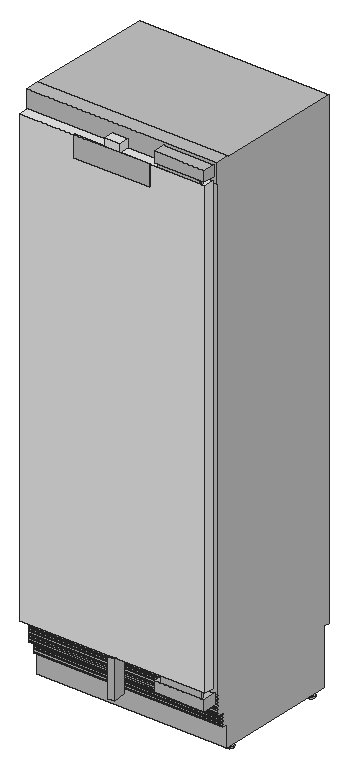
Revit family "FP_Revit_18_RS3084FRJK1_Freezer_90001074A", category Specialty Equipment, Revit 2018
Family settings
  Round Connector Dimension = Use Diameter
  Part Type = Normal
  OmniClass Number = 23.40.40.11.11
  OmniClass Title = Refrigerators and Freezers
  Work Plane-Based = No
  Always vertical = Yes
  Cut with Voids When Loaded = Yes
  Shared = No
  Room Calculation Point = No
Parameters (values of type "RS3084FRJK1")
  Visibility - Water Connection = yes
  Visibility - Visibility Control Note = yes
  Visibility - Clearance Required = yes
  URL = "www.fisherpaykel.com"
  Stainless Steel Door Panels (RD3484R4D) = no
  Product - Width = 756 mm  # constant formula
  Product - Height = 2134 mm  # constant formula
  Product - Depth (exl front panel) = 610 mm  # constant formula
  Model = "RS3084FRJK1"
  Material - Rollers and Feet = Fisher & Paykel - Black
  Material - Handle = Fisher & Paykel - Aluminium
  Material - Door Structure = Fisher & Paykel - White
  Material - Door Front = Fisher & Paykel - Stainless Steel
  Material - Connections = Fisher & Paykel - Black
  Material - Body = Fisher & Paykel - Grey
  Manufacturer = "Fisher & Paykel Appliances"
  Handle Style - Professional Square (AHV2-RD84) = no
  Handle Style - Professional Round (AHC-RD84) = no
  Handle Style - Contemporary Square (AHD3-RD84) = no
  Handle Style - Contemporary Round (AHS-RD84) = no
  Description = "30\" Integrated Column Freezer with internal ice maker, stainless steel interior"
  Connector Description - Water = "1/4\" (6mm) comp. stainless steel braided hose"
  Connector Description - Electrical = "120 V, 10 amp fused electrical supply"
  Cavity - Width = 762 mm  # constant formula
  Cavity - Height = 2134 mm  # constant formula
  Cavity - Depth = 635 mm  # constant formula
Types (3, lengths in mm): name | Model | Description
  (no name) | "RS3084FRJK1" | "30\" Integrated Column Freezer with internal ice maker, stainless steel interior"
  RS3084FRJK1 | "RS3084FRJK1" | "30\" Integrated Column Freezer with internal ice maker, stainless steel interior"
  RS3084FRJ1 | "RS3084FRJ1" | "30\" Integrated Column Freezer  with internal ice maker, white interior"
Reference planes
  plane 1 "Datum": y = 0
  plane 2: z = 0
  plane 3 "Center (Left/Right)": x = 0
  plane 4 "Product LHS": x = -378
  plane 5 "Product RHS": x = 378
  plane 6 "Product - Depth": y = 610
  plane 7 "Cavity LHS": x = -381
  plane 8 "Cavity RHS": x = 381
  plane 9 "Cavity - Depth": y = 612.9
  plane 10 "Handle Offset": x = -315
  plane 11 "Product Height": z = 2134
  plane 12 "Cavity Height": z = 2134
  plane 13 "Door Panel Datum": y = -4.1
Forms (mm)
  Extrusion 1, solid, material "Fisher & Paykel - Grey" <- "Material - Body", detail levels fine
    sketch origin (0, 0, 0) x (0, 1, 0) y (0, 0, 1)
      loop
        line (100.1, 19.1) -> (587.9, 19.1) -> (587.9, 239.7) -> (610, 239.7) -> (610, 2131.9) -> (105.1, 2131.9) -> (105.1, 2134) -> (49.9, 2134) -> (49.9, 2059) -> (56, 2059) -> (56, 228.6) -> (59.5, 228.6) -> (59.5, 219.7) -> (56.5, 219.7) -> (56.5, 215.9) -> (59.5, 215.9) -> (59.5, 207) -> (56.5, 207) -> (56.5, 203.2) -> (59.5, 203.2) -> (59.5, 194.3) -> (56.5, 194.3) -> (56.5, 190.5) -> (59.5, 190.5) -> (59.5, 181.6) -> (56.5, 181.6) -> (56.5, 177.8) -> (59.5, 177.8) -> (59.5, 168.9) -> (56.5, 168.9) -> (56.5, 165.1) -> (59.5, 165.1) -> (59.5, 156.2) -> (56.5, 156.2) -> (56.5, 152.4) -> (84.1, 152.4) -> (84.1, 143.5) -> (81.1, 143.5) -> (81.1, 139.7) -> (84.1, 139.7) -> (84.1, 130.8) -> (81.1, 130.8) -> (81.1, 127) -> (84.1, 127) -> (84.1, 118.1) -> (81.1, 118.1) -> (81.1, 114.3) -> (84.1, 114.3) -> (84.1, 105.4) -> (81.1, 105.4) -> (81.1, 101.6) -> (100.1, 101.6) -> (100.1, 19.1)
    from -378 to 378
  Extrusion 2, solid, material "Fisher & Paykel - Grey" <- "Material - Body"
    sketch origin (0, 0, 0) x (1, 0, 0) y (0, 1, 0)
      loop
        circle (-357.5, 547.8) r 4.1
      loop
        circle (-357.5, 141.8) r 4.1
      loop
        circle (357.5, 547.8) r 4.1
      loop
        circle (357.5, 141.8) r 4.1
    from 3 to 19.1
  Extrusion 3, solid, material "Fisher & Paykel - Grey" <- "Material - Body"
    sketch origin (0, 0, 0) x (1, 0, 0) y (0, 1, 0)
      loop
        circle (-357.5, 547.8) r 14.5
      loop
        circle (-357.5, 141.8) r 14.555
      loop
        circle (357.5, 547.8) r 14.5
      loop
        circle (357.5, 141.8) r 14.555
    from 0 to 3
  Extrusion 4, solid, material "Fisher & Paykel - Grey" <- "Material - Body", detail levels fine
    sketch origin (0, 0, 0) x (1, 0, 0) y (0, 1, 0)
      loop
        line (-7.5, 49) -> (-13.797, -4.1) -> (13.797, -4.1) -> (7.5, 49) -> (-7.5, 49)
    from 104.2 to 254.2
  Extrusion 5, solid, material "Fisher & Paykel - Grey" <- "Material - Body", detail levels fine
    sketch origin (0, 0, 0) x (0, 1, 0) y (0, 0, 1)
      loop
        line (0, 2070.6) -> (0, 1988.6) -> (2, 1988.6) -> (2, 2068.6) -> (4, 2068.6) -> (4, 2070.6) -> (0, 2070.6)
    from -150 to 150
  Extrusion 6, solid, material "Fisher & Paykel - Grey" <- "Material - Body"
    sketch origin (0, 0, 0) x (1, 0, 0) y (0, 0, 1)
      loop
        circle (303, 119.813) r 5
      loop
        circle (-303, 119.813) r 5
    from -590 to -587.9
  Extrusion 7, solid, material "Fisher & Paykel - White" <- "Material - Door Structure"
    sketch origin (0, 0, 0) x (1, 0, 0) y (0, 1, 0)
      loop
        line (-353, 56) -> (-353, 42) -> (353, 42) -> (353, 56) -> (-353, 56)
    from 269.6 to 2030.7
  Extrusion 8, solid, material "Fisher & Paykel - White" <- "Material - Door Structure"
    sketch origin (0, 0, 0) x (1, 0, 0) y (0, 1, 0)
      loop
        line (-369.4, 42) -> (-369.4, 3) -> (369.4, 3) -> (369.4, 42) -> (-369.4, 42)
    from 254.2 to 2068.6
  Extrusion 9, solid, material "Fisher & Paykel - White" <- "Material - Door Structure", detail levels fine
    sketch origin (0, 0, 0) x (1, 0, 0) y (0, 0, 1)
      loop
        line (-29.5, 2100.1) -> (-29.5, 2068.6) -> (29.5, 2068.6) -> (29.5, 2100.1) -> (-29.5, 2100.1)
    from -42 to -3
  Extrusion 10, solid, material "Fisher & Paykel - Stainless Steel" <- "Material - Door Front", visible <- "Stainless Steel Door Panels (RD3484R4D)"
    sketch origin (0, 0, 0) x (0, 1, 0) y (0, 0, 1)
      loop
        line (-22.1, 2130.8) -> (-22.1, 102) -> (-4.1, 102) -> (-4.1, 2130.8) -> (-22.1, 2130.8)
    from -378 to 378
  Extrusion 11, solid, material "Fisher & Paykel - Grey" <- "Material - Body", detail levels coarse+medium
    sketch origin (0, 0, 0) x (0, 1, 0) y (0, 0, 1)
      loop
        line (49.9, 2134) -> (49.9, 2059) -> (56, 2059) -> (56, 152.4) -> (81.1, 152.4) -> (81.1, 101.6) -> (100.1, 101.6) -> (100.1, 19.1) -> (587.9, 19.1) -> (587.9, 239.7) -> (610, 239.7) -> (610, 2134) -> (49.9, 2134)
    from -378 to 378
  Extrusion 12, solid, material "Fisher & Paykel - Grey" <- "Material - Body", detail levels fine
    sketch origin (0, 0, -4) x (0, 1, 0) y (0, 0, 1)
      loop
        arc (163.888, 23.1) -> (180.4, 13.63) -> (196.912, 23.1) r 19.13
        line (196.912, 23.1) -> (163.888, 23.1)
      loop
        arc (493.888, 23.1) -> (510.4, 13.63) -> (526.912, 23.1) r 19.13
        line (526.912, 23.1) -> (493.888, 23.1)
    from 191 to 219
  Extrusion 13, solid, material "Fisher & Paykel - Grey" <- "Material - Body", detail levels fine
    sketch origin (0, 0, -4) x (0, 1, 0) y (0, 0, -1)
      loop
        line (163.888, -23.1) -> (196.912, -23.1)
        arc (196.912, -23.1) -> (180.4, -13.63) -> (163.888, -23.1) r 19.13
      loop
        line (493.888, -23.1) -> (526.912, -23.1)
        arc (526.912, -23.1) -> (510.4, -13.63) -> (493.888, -23.1) r 19.13
    from 191 to 219
  Extrusion 14, solid, material "Fisher & Paykel - Clearance Required", visible <- "Visibility - Clearance Required", detail levels coarse
    sketch origin (0, 0, 0) x (1, 0, 0) y (0, 1, 0)
      loop
        line (-381, 612.9) -> (-381, -4.1) -> (381, -4.1) -> (381, 612.9) -> (-381, 612.9)
    from 0 to 2134
  Extrusion 15, void
    sketch origin (0, 0, 0) x (1, 0, 0) y (0, 1, 0)
      loop
        line (-381, 612.9) -> (-381, -22.1) -> (381, -22.1) -> (381, 612.9) -> (-381, 612.9)
    from 0 to 2134
  Extrusion 16, solid, material "Fisher & Paykel - Grey" <- "Material - Body", detail levels fine
    sketch origin (73, 0, 0) x (1, 0, 0) y (0, 0, 1)
      loop
        line (118.4, 254.2) -> (118.4, 229.75) -> (282.9, 229.75) -> (282.9, 254.2) -> (118.4, 254.2)
      loop
        line (106, 2081.05) -> (106, 2068.6) -> (282.9, 2068.6) -> (282.9, 2076.05) -> (242.9, 2081.05) -> (106, 2081.05)
    from -7 to -4
  Extrusion 17, solid, material "Fisher & Paykel - Clearance Required", visible <- "Visibility - Clearance Required", detail levels coarse
    sketch origin (0, 0, 0) x (1, 0, 0) y (0, 1, 0)
      loop
        line (-328.5, -22.1) -> (-378, -22.1)
        arc (-378, -22.1) -> (-22.015, -691.951) -> (734.604, -746.289) r 783.517
        line (734.604, -746.289) -> (712.602, -698.95) -> (738.875, -686.699)
        arc (738.875, -686.699) -> (747.815, -662.136) -> (723.252, -653.196) r 18.483
        line (723.252, -653.196) -> (697.006, -665.395) -> (415.915, -60.616)
        arc (415.915, -60.616) -> (380.992, -57.074) -> (378, -22.1) r 27.5
        line (378, -22.1) -> (-328.5, -22.1)
    from 0 to 2134
  Extrusion 18, solid, material "Fisher & Paykel - Grey" <- "Material - Body", detail levels fine
    sketch origin (0, 0, 0) x (1, 0, 0) y (0, 0, 1)
      loop
        line (366.4, 2123.15) -> (168.42, 2123.15) -> (168.42, 2081.05) -> (366.4, 2081.05) -> (366.4, 2123.15)
    from -49 to -2.5
  Extrusion 19, solid, material "Fisher & Paykel - Grey" <- "Material - Body", detail levels fine
    sketch origin (0, 0, 0) x (1, 0, 0) y (0, 0, 1)
      loop
        line (366.4, 187.65) -> (366.4, 229.75) -> (168.42, 229.75) -> (168.42, 187.65) -> (366.4, 187.65)
    from -56 to -2.5
Lines and regions (mm)
  model lines, style "Fisher & Paykel"
    curve 1: line (-378, -4.1, 2130.8) -> (378, -4.1, 2130.8)
    curve 2: line (-378, -4.1, 102) -> (-378, -4.1, 2130.8)
    curve 3: line (378, -4.1, 102) -> (-378, -4.1, 102)
    curve 4: line (378, -4.1, 2130.8) -> (378, -4.1, 102)
Text (mm)
  text "Due to ongoing product development, product details are subject to change without notice. \nPlease always refer to www.fisherpaykel.com for the most current product information. \n© Fisher & Paykel 2020" at (41.04, -848.295, 0), in view "Ref. Level (Plan)"
Dimensions and locks
  equal spacing: plane 4 "Product LHS", plane 3 "Center (Left/Right)", plane 5 "Product RHS"
  "Product - Width": plane 4 "Product LHS" to plane 5 "Product RHS"
  "Product - Depth (exl front panel)": plane 1 "Datum" to plane 6 "Product - Depth"
  equal spacing: plane 7 "Cavity LHS", plane 3 "Center (Left/Right)", plane 8 "Cavity RHS"
  "Cavity - Width": plane 7 "Cavity LHS" to plane 8 "Cavity RHS"
  plane 4 "Product LHS" to Extrusion 2 sketch curve = 24.6 mm
  plane 4 "Product LHS" to plane 10 "Handle Offset" = 63 mm
  Extrusion 6 sketch curve to Extrusion 1 = 119.887 mm  (x2)
  Extrusion 6 sketch curve to plane 5 "Product RHS" = 75 mm
  plane 4 "Product LHS" to Extrusion 6 sketch curve = 75 mm
  Extrusion 1 sketch curve to Extrusion 1 sketch curve = 82.5 mm
  Extrusion 1 sketch curve to Extrusion 1 sketch curve = 209.5 mm
  Extrusion 1 sketch curve to Extrusion 1 sketch curve = 220.6 mm
  Extrusion 3 to level = 3 mm
  Extrusion 11 to Extrusion 8 = 235.1 mm
  Extrusion 11 to Extrusion 7 = 250.5 mm
  Extrusion 11 to Extrusion 11 = 2114.9 mm
  Extrusion 11 to Extrusion 10 = 82.9 mm
  "Product - Height": level to plane 11 "Product Height"
  plane 11 "Product Height" to Extrusion 10 = 3.2 mm
  Extrusion 8 to plane 11 "Product Height" = 65.4 mm
  Extrusion 7 to plane 11 "Product Height" = 103.3 mm
  Extrusion 11 sketch curve to plane 11 "Product Height" = 75 mm
  Extrusion 1 sketch curve to plane 11 "Product Height" = 2.1 mm
  Extrusion 1 sketch curve to plane 11 "Product Height" = 75 mm
  "Cavity - Height": plane 12 "Cavity Height" to level
  plane 1 "Datum" to Extrusion 14 = 612.9 mm
  plane 1 "Datum" to Extrusion 15 = 612.9 mm
  Extrusion 16 sketch curve to Extrusion 16 sketch curve = 40 mm
  Extrusion 16 sketch curve to plane 3 "Center (Left/Right)" = 179 mm
  Extrusion 16 sketch curve to Extrusion 16 sketch curve = 176.9 mm
  Extrusion 16 sketch curve to plane 3 "Center (Left/Right)" = 191.4 mm
  plane 3 "Center (Left/Right)" to Extrusion 16 sketch curve = 355.9 mm
  Extrusion 17 to plane 1 "Datum" = 22.1 mm
  "Cavity - Depth": plane 9 "Cavity - Depth" to Extrusion 17
  radius of Extrusion 6 sketch curve = 5 mm
  aligned and locked: level to plane 2
  aligned and locked: Extrusion 10 to plane 5 "Product RHS"
  aligned and locked: plane 4 "Product LHS" to Extrusion 10
  aligned and locked: Extrusion 11 to plane 5 "Product RHS"
  aligned and locked: Extrusion 11 to plane 4 "Product LHS"
  aligned and locked: Extrusion 11 sketch curve to plane 11 "Product Height"
  aligned and locked: plane 11 "Product Height" to Extrusion 1 sketch curve
  aligned and locked: Extrusion 12 sketch curve to Extrusion 12 sketch curve
  aligned and locked: Extrusion 13 sketch curve to Extrusion 13 sketch curve
  aligned and locked: Extrusion 1 to plane 5 "Product RHS"
  aligned and locked: plane 4 "Product LHS" to Extrusion 1
  aligned and locked: Extrusion 11 sketch curve to Extrusion 1  (x4)
  aligned and locked: Extrusion 2 to Extrusion 1
  aligned and locked: nested 2 to plane 10 "Handle Offset"
  aligned and locked: nested 3 to plane 10 "Handle Offset"
  aligned and locked: nested 4 to plane 10 "Handle Offset"
  aligned and locked: nested 5 to plane 10 "Handle Offset"
Automatic sketch dimensions
  Extrusion 1 sketch curve to plane 6 "Product - Depth" = 0 mm
  Extrusion 1 sketch curve to Extrusion 1 sketch curve = 22.1 mm
  Extrusion 1 sketch curve to plane 1 "Datum" = 105.1 mm
  level to Extrusion 1 sketch curve = 19.1 mm
  Extrusion 1 sketch curve to plane 1 "Datum" = 100.1 mm
  Extrusion 1 sketch curve to Extrusion 1 sketch curve = 16 mm
  Extrusion 1 sketch curve to Extrusion 1 sketch curve = 0 mm  (x8)
  Extrusion 1 sketch curve to Extrusion 1 sketch curve = 3 mm  (x10)
  Extrusion 1 sketch curve to plane 1 "Datum" = 59.5 mm
  Extrusion 1 sketch curve to plane 1 "Datum" = 56 mm
  Extrusion 1 sketch curve to plane 1 "Datum" = 49.9 mm
  Extrusion 1 sketch curve to Extrusion 1 sketch curve = 3.8 mm  (x10)
  Extrusion 1 sketch curve to Extrusion 1 sketch curve = 8.9 mm  (x9)
  Extrusion 2 sketch curve to plane 4 "Product LHS" = 20.5 mm  (x2)
  plane 5 "Product RHS" to Extrusion 2 sketch curve = 20.5 mm  (x2)
  Extrusion 2 sketch curve to plane 1 "Datum" = 141.8 mm  (x2)
  Extrusion 2 sketch curve to plane 6 "Product - Depth" = 62.2 mm  (x2)
  Extrusion 3 sketch curve to plane 4 "Product LHS" = 20.5 mm  (x2)
  plane 5 "Product RHS" to Extrusion 3 sketch curve = 20.5 mm  (x2)
  Extrusion 3 sketch curve to plane 1 "Datum" = 141.8 mm  (x2)
  Extrusion 3 sketch curve to plane 6 "Product - Depth" = 62.2 mm  (x2)
  plane 1 "Datum" to Extrusion 4 sketch curve = 4.1 mm
  Extrusion 4 sketch curve to plane 3 "Center (Left/Right)" = 13.797 mm
  Extrusion 4 sketch curve to plane 3 "Center (Left/Right)" = 7.5 mm
  plane 3 "Center (Left/Right)" to Extrusion 4 sketch curve = 7.5 mm
  plane 3 "Center (Left/Right)" to Extrusion 4 sketch curve = 13.797 mm
  Extrusion 4 sketch curve to plane 1 "Datum" = 49 mm
  Extrusion 5 sketch curve to plane 1 "Datum" = 0 mm
  Extrusion 5 sketch curve to plane 1 "Datum" = 2 mm
  Extrusion 5 sketch curve to Extrusion 5 sketch curve = 2 mm  (x2)
  plane 11 "Product Height" to Extrusion 5 sketch curve = 145.4 mm
  plane 11 "Product Height" to Extrusion 5 sketch curve = 65.4 mm
  Extrusion 7 sketch curve to plane 4 "Product LHS" = 25 mm
  plane 5 "Product RHS" to Extrusion 7 sketch curve = 25 mm
  Extrusion 7 sketch curve to plane 1 "Datum" = 42 mm
  Extrusion 7 sketch curve to Extrusion 7 sketch curve = 14 mm
  Extrusion 8 sketch curve to plane 1 "Datum" = 3 mm
  Extrusion 8 sketch curve to plane 4 "Product LHS" = 8.6 mm
  plane 5 "Product RHS" to Extrusion 8 sketch curve = 8.6 mm
  Extrusion 8 sketch curve to Extrusion 8 sketch curve = 39 mm
  Extrusion 9 sketch curve to plane 3 "Center (Left/Right)" = 29.5 mm
  plane 3 "Center (Left/Right)" to Extrusion 9 sketch curve = 29.5 mm
  plane 11 "Product Height" to Extrusion 9 sketch curve = 65.4 mm
  Extrusion 9 sketch curve to Extrusion 9 sketch curve = 31.5 mm
  plane 1 "Datum" to Extrusion 10 sketch curve = 22.1 mm
  plane 1 "Datum" to Extrusion 10 sketch curve = 4.1 mm
  level to Extrusion 10 sketch curve = 102 mm
  plane 11 "Product Height" to Extrusion 10 sketch curve = 3.2 mm
  Extrusion 11 sketch curve to plane 6 "Product - Depth" = 0 mm
  Extrusion 11 sketch curve to plane 6 "Product - Depth" = 22.1 mm
  Extrusion 11 sketch curve to plane 1 "Datum" = 100.1 mm
  Extrusion 11 sketch curve to Extrusion 11 sketch curve = 19 mm
  Extrusion 11 sketch curve to plane 1 "Datum" = 56 mm
  Extrusion 11 sketch curve to plane 1 "Datum" = 49.9 mm
  Extrusion 11 sketch curve to Extrusion 11 sketch curve = 50.8 mm
  level to Extrusion 12 sketch curve = 19.1 mm
  Extrusion 12 sketch curve to plane 1 "Datum" = 163.888 mm
  Extrusion 12 sketch curve to Extrusion 12 sketch curve = 16.512 mm  (x2)
  Extrusion 12 sketch curve to plane 6 "Product - Depth" = 116.112 mm
  Extrusion 12 sketch curve to Extrusion 12 sketch curve = 9.66 mm  (x2)
  level to Extrusion 13 sketch curve = 19.1 mm
  Extrusion 13 sketch curve to plane 1 "Datum" = 163.888 mm
  Extrusion 13 sketch curve to Extrusion 13 sketch curve = 16.512 mm  (x2)
  Extrusion 13 sketch curve to plane 6 "Product - Depth" = 116.112 mm
  Extrusion 13 sketch curve to Extrusion 13 sketch curve = 9.66 mm  (x2)
  Extrusion 14 sketch curve to plane 7 "Cavity LHS" = 0 mm
  Extrusion 14 sketch curve to plane 8 "Cavity RHS" = 0 mm
  Extrusion 14 sketch curve to plane 9 "Cavity - Depth" = 0 mm
  plane 1 "Datum" to Extrusion 14 sketch curve = 4.1 mm
  Extrusion 15 sketch curve to plane 7 "Cavity LHS" = 0 mm
  Extrusion 15 sketch curve to plane 8 "Cavity RHS" = 0 mm
  Extrusion 15 sketch curve to plane 9 "Cavity - Depth" = 0 mm
  plane 1 "Datum" to Extrusion 15 sketch curve = 22.1 mm
  level to Extrusion 16 sketch curve = 229.75 mm
  Extrusion 16 sketch curve to Extrusion 16 sketch curve = 24.45 mm
  plane 11 "Product Height" to Extrusion 16 sketch curve = 65.4 mm
  Extrusion 16 sketch curve to Extrusion 16 sketch curve = 7.45 mm
  Extrusion 16 sketch curve to Extrusion 16 sketch curve = 5 mm
  Extrusion 17 sketch curve to plane 4 "Product LHS" = 0 mm
  plane 10 "Handle Offset" to Extrusion 17 sketch curve = 13.5 mm
  plane 5 "Product RHS" to Extrusion 17 sketch curve = 0 mm
  Extrusion 17 sketch curve to plane 8 "Cavity RHS" = 19.59 mm
  Extrusion 17 sketch curve to Extrusion 17 sketch curve = 4.816 mm
  Extrusion 17 sketch curve to Extrusion 17 sketch curve = 10.509 mm
  Extrusion 17 sketch curve to plane 8 "Cavity RHS" = 316.006 mm
  Extrusion 17 sketch curve to Extrusion 17 sketch curve = 15.596 mm
  Extrusion 17 sketch curve to Extrusion 17 sketch curve = 26.246 mm
  Extrusion 17 sketch curve to Extrusion 17 sketch curve = 7.811 mm  (x2)
  Extrusion 17 sketch curve to Extrusion 17 sketch curve = 22.003 mm
  plane 1 "Datum" to Extrusion 17 sketch curve = 746.289 mm
  Extrusion 17 sketch curve to Extrusion 17 sketch curve = 47.339 mm
  Extrusion 17 sketch curve to Extrusion 17 sketch curve = 12.251 mm
  Extrusion 17 sketch curve to Extrusion 17 sketch curve = 16.751 mm
  Extrusion 17 sketch curve to Extrusion 17 sketch curve = 12.199 mm
  Extrusion 17 sketch curve to Extrusion 17 sketch curve = 22.833 mm
  plane 11 "Product Height" to Extrusion 18 sketch curve = 10.85 mm
  plane 3 "Center (Left/Right)" to Extrusion 18 sketch curve = 168.42 mm
  plane 5 "Product RHS" to Extrusion 18 sketch curve = 11.6 mm
  Extrusion 18 sketch curve to Extrusion 18 sketch curve = 42.1 mm
  plane 3 "Center (Left/Right)" to Extrusion 19 sketch curve = 168.42 mm
  plane 5 "Product RHS" to Extrusion 19 sketch curve = 11.6 mm
  level to Extrusion 19 sketch curve = 187.65 mm
  Extrusion 19 sketch curve to Extrusion 19 sketch curve = 42.1 mm
  plane 5 "Product RHS" to curve 1 = 0 mm
  plane 4 "Product LHS" to curve 3 = 0 mm
  level to curve 3 = 102 mm
  plane 11 "Product Height" to curve 2 = 3.2 mm
  radius of Extrusion 2 sketch curve = 4.1 mm  (x3)
  radius of Extrusion 3 sketch curve = 14.5 mm  (x2)
  radius of Extrusion 3 sketch curve = 14.555 mm  (x2)
  radius of Extrusion 6 sketch curve = 5 mm
Nested families
  nested 1: "Visibility Control Note 18" at (0, 0, 0), visible <- "Visibility - Visibility Control Note", type "Visibility Control Note 18"
  nested 2: "Handle Contemporary Round - Vertical" at (-315, -22.1, 1242.58), visible <- "Handle Style - Contemporary Round (AHS-RD84)", type "AHS-RD84 - Contemporary round handle (Vertical) 852mm"
  nested 3: "Handle Contemporary Square - Vertical" at (-315, -22.1, 1242.58), visible <- "Handle Style - Contemporary Square (AHD3-RD84)", type "AHD3-RD84 - Contemporary square handle (Vertical) 852mm"
  nested 4: "Handle Professional Round - Vertical" at (-315, -22.1, 1242.58), visible <- "Handle Style - Professional Round (AHC-RD84)", type "AHC-RD84 - Professional round handle (Vertical) 786mm"
  nested 5: "Handle Professional Square - Vertical" at (-315, -22.1, 1242.58), visible <- "Handle Style - Professional Square (AHV2-RD84)", type "AHV2-RD84 - Professional square handle (Vertical) 792mm"
Connectors
  electrical at (-303, 590, 119.813), driven by "Connector Description - Electrical"
    settings: on Extrusion 6, index 1, voltage 120 V, apparent load 0 VA, apparent load phase1 0 VA, apparent load phase2 0 VA, apparent load phase3 0 VA, power factor 1, load classification "Other", number of poles 1, system type 30, power factor state 1, is connector primary yes, connector utility no, sub classification motor no, connector description "120 V, 10 amp fused electrical supply"
  piping at (303, 590, 119.813), diameter 12.7, driven by "Visibility - Water Connection", driven by "Connector Description - Water"
    settings: on Extrusion 6, index 2, connector inside diameter 609.6 mm, connector length 0 mm, flow factor 0, pipe flow 0.0 L/s, pressure drop 0.0 Pa, fitting loss kfactor 0, connector angle 0.00°, fixture units 0, engagement length 0 mm, angle of deflection 0.00°, flow configuration 0, flow direction 1, fitting loss method 0, system type 20, joint type 0, gender type 0, connector reference index -1, connector utility 1, adjustable connector no, is connector primary yes, connector description "1/4\" (6mm) comp. stainless steel braided hose"
Definition of nested family "Handle Contemporary Round - Vertical"
  Parameters (values of type "AHSRS80A - Contemporary round handle (1 of 2) (Vertical) 727mm")
    URL = "www.fisherpaykel.com"
    Material - Handle = none
    Manufacturer = "Fisher & Paykel Appliances"
    Handle - Length = 727 mm
  Types (6, lengths in mm): name | Handle - Length
    AHS-RD21 - Contemporary round handle (Vertical) 852mm | 852
    AHSRD2484W - Contemporary round handle (1 of 2) (Vertical) 727mm | 727
    AHSRD3084W - Contemporary round handle (1 of 2) (Vertical) 727mm | 727
    AHS-RD84 - Contemporary round handle (Vertical) 852mm | 852
    AHSRS3272A - Contemporary round handle (1 of 2) (Vertical) 727mm | 727
    AHSRS80A - Contemporary round handle (1 of 2) (Vertical) 727mm | 727
  Reference planes
    plane 1 "Center (Front/Back)": y = 0
    plane 2: z = 0
    plane 3 "Center (Left/Right)": x = 0
    plane 4 "Top": z = 363.5
    plane 5 "Bottom": z = -363.5
    plane 6 "Top Standoff": z = 243.5
    plane 7 "Bottom Standoff": z = -243.5
  Forms (mm)
    Extrusion 1, solid, material <- "Material - Handle"
      sketch origin (0, 0, 0) x (1, 0, 0) y (0, 1, 0)
        loop
          circle (0, -32.3) r 8.7
      from -243.5 to 243.5
    Extrusion 2, solid, material <- "Material - Handle", detail levels fine
      sketch origin (0, 0, 0) x (1, 0, 0) y (0, 1, 0)
        loop
          line (-8.7, 0) -> (-8.7, -32.3)
          arc (-8.7, -32.3) -> (0, -41) -> (8.7, -32.3) r 8.7
          line (8.7, -32.3) -> (8.7, 0) -> (-8.7, 0)
      from 243.5 to 363.5
    Extrusion 3, solid, material <- "Material - Handle", detail levels fine
      sketch origin (0, 0, 0) x (1, 0, 0) y (0, 1, 0)
        loop
          line (-8.7, 0) -> (-8.7, -32.3)
          arc (-8.7, -32.3) -> (0, -41) -> (8.7, -32.3) r 8.7
          line (8.7, -32.3) -> (8.7, 0) -> (-8.7, 0)
      from -363.5 to -243.5
    Sweep 4, void
      path in 3D
        loop
          line (8.7, 0, -363.5) -> (8.7, -32.3, -363.5)
          arc (8.7, -32.3, -363.5) -> (0, -41, -363.5) -> (-8.7, -32.3, -363.5) r 8.7
          line (-8.7, -32.3, -363.5) -> (-8.7, 0, -363.5)
      profile origin (8.7, -16.15, -363.5) x (-1, 0, 0) y (0, 0, -1)
        loop
          line (0, 0) -> (0, -1) -> (1, 0) -> (0, 0)
    Sweep 5, void
      path in 3D
        loop
          line (-8.7, 0, 363.5) -> (-8.7, -32.3, 363.5)
          arc (-8.7, -32.3, 363.5) -> (0, -41, 363.5) -> (8.7, -32.3, 363.5) r 8.7
          line (8.7, -32.3, 363.5) -> (8.7, 0, 363.5)
      profile origin (8.7, -16.15, 363.5) x (-1, 0, 0) y (0, 0, 1)
        loop
          line (0, 0) -> (0, -1) -> (1, 0) -> (0, 0)
    Extrusion 6, solid, material <- "Material - Handle", detail levels coarse+medium
      sketch origin (0, 0, 0) x (1, 0, 0) y (0, 1, 0)
        loop
          line (-8.7, 0) -> (-8.7, -32.3)
          arc (-8.7, -32.3) -> (0, -41) -> (8.7, -32.3) r 8.7
          line (8.7, -32.3) -> (8.7, 0) -> (-8.7, 0)
      from 243.5 to 363.5
    Extrusion 7, solid, material <- "Material - Handle", detail levels coarse+medium
      sketch origin (0, 0, 0) x (1, 0, 0) y (0, 1, 0)
        loop
          line (-8.7, 0) -> (-8.7, -32.3)
          arc (-8.7, -32.3) -> (0, -41) -> (8.7, -32.3) r 8.7
          line (8.7, -32.3) -> (8.7, 0) -> (-8.7, 0)
      from -363.5 to -243.5
  Cuts and joins
    Sweep 4 cuts Extrusion 3
    Sweep 5 cuts Extrusion 2
  Lines and regions (mm)
    sketch lines
      curve 1: line (8.7, 0, -363.5) -> (8.7, -32.3, -363.5)
      curve 2: arc (-8.7, -32.3, -363.5) -> (0, -41, -363.5) -> (8.7, -32.3, -363.5) r 8.7
      curve 3: line (-8.7, -32.3, -363.5) -> (-8.7, 0, -363.5)
      curve 4: line (8.7, -32.3, 363.5) -> (8.7, 0, 363.5)
      curve 5: arc (8.7, -32.3, 363.5) -> (0, -41, 363.5) -> (-8.7, -32.3, 363.5) r 8.7
      curve 6: line (-8.7, 0, 363.5) -> (-8.7, -32.3, 363.5)
  Dimensions and locks
    equal spacing: plane 4 "Top", level, plane 5 "Bottom"
    "Handle - Length": plane 4 "Top" to plane 5 "Bottom"
    locked: plane 4 "Top" to plane 6 "Top Standoff" at 120
    locked: plane 7 "Bottom Standoff" to plane 5 "Bottom" at 120
    Extrusion 2 sketch curve to Extrusion 2 sketch curve = 17.4 mm
    Extrusion 3 sketch curve to Extrusion 3 sketch curve = 17.4 mm
    Extrusion 6 sketch curve to Extrusion 6 sketch curve = 17.4 mm
    Extrusion 7 sketch curve to Extrusion 7 sketch curve = 17.4 mm
    aligned and locked: level to plane 2
    aligned and locked: plane 4 "Top" to Extrusion 2
    aligned and locked: Extrusion 3 to plane 5 "Bottom"
    aligned and locked: plane 7 "Bottom Standoff" to Extrusion 3
    aligned and locked: Extrusion 1 to plane 7 "Bottom Standoff"
    aligned and locked: plane 6 "Top Standoff" to Extrusion 1
    aligned and locked: Extrusion 2 to Extrusion 1
    aligned and locked: Extrusion 6 to Extrusion 1
    aligned and locked: plane 4 "Top" to Extrusion 6
    aligned and locked: Extrusion 7 to Extrusion 1
    aligned and locked: Extrusion 7 to plane 5 "Bottom"
  Automatic sketch dimensions
    Extrusion 1 sketch curve to plane 3 "Center (Left/Right)" = 0 mm
    plane 1 "Center (Front/Back)" to Extrusion 1 sketch curve = 32.3 mm
    plane 1 "Center (Front/Back)" to Extrusion 2 sketch curve = 0 mm
    Extrusion 2 sketch curve to plane 3 "Center (Left/Right)" = 0 mm
    Extrusion 2 sketch curve to plane 3 "Center (Left/Right)" = 8.7 mm
    plane 1 "Center (Front/Back)" to Extrusion 2 sketch curve = 32.3 mm
    plane 1 "Center (Front/Back)" to Extrusion 3 sketch curve = 0 mm
    Extrusion 3 sketch curve to plane 3 "Center (Left/Right)" = 0 mm
    Extrusion 3 sketch curve to plane 3 "Center (Left/Right)" = 8.7 mm
    plane 1 "Center (Front/Back)" to Extrusion 3 sketch curve = 32.3 mm
    Sweep 4 sketch curve to profile plane = 0 mm  (x2)
    Sweep 4 sketch curve to profile plane = 1 mm  (x2)
    Sweep 5 sketch curve to profile plane = 0 mm  (x2)
    Sweep 5 sketch curve to profile plane = 1 mm  (x2)
    Extrusion 6 sketch curve to plane 3 "Center (Left/Right)" = 0 mm
    Extrusion 6 sketch curve to plane 3 "Center (Left/Right)" = 8.7 mm
    plane 1 "Center (Front/Back)" to Extrusion 6 sketch curve = 32.3 mm
    Extrusion 6 sketch curve to Extrusion 6 sketch curve = 32.3 mm
    Extrusion 7 sketch curve to plane 3 "Center (Left/Right)" = 0 mm
    Extrusion 7 sketch curve to plane 3 "Center (Left/Right)" = 8.7 mm
    plane 1 "Center (Front/Back)" to Extrusion 7 sketch curve = 32.3 mm
    Extrusion 7 sketch curve to Extrusion 7 sketch curve = 32.3 mm
    radius of Extrusion 1 sketch curve = 8.7 mm
Definition of nested family "Handle Contemporary Square - Vertical"
  Parameters (values of type "AHD3RS80A - Contemporary square handle (1 of 2) (Vertical) 727mm")
    URL = "www.fisherpaykel.com"
    Material - Handle = none
    Manufacturer = "Fisher & Paykel Appliances"
    Handle - Length = 727 mm
  Types (7, lengths in mm): name | Handle - Length
    (no name) | 727
    AHD3-RD21 - Contemporary square handle (Vertical) 852mm | 852
    AHD3RD2484W - Contemporary square handle (1 of 2) (Vertical) 727mm | 727
    AHD3RD3084W - Contemporary square handle (1 of 2) (Vertical) 727mm | 727
    AHD3-RD84 - Contemporary square handle (Vertical) 852mm | 852
    AHD3RS3272A - Contemporary square handle (1 of 2) (Vertical) 727mm | 727
    AHD3RS80A - Contemporary square handle (1 of 2) (Vertical) 727mm | 727
  Reference planes
    plane 1 "Center (Front/Back)": y = 0
    plane 2: z = 0
    plane 3 "Center (Left/Right)": x = 0
    plane 4 "Top": z = 363.5
    plane 5 "Bottom": z = -363.5
    plane 6 "Top Standoff": z = 243.5
    plane 7 "Bottom Standoff": z = -243.5
  Forms (mm)
    Extrusion 1, solid, material <- "Material - Handle", detail levels fine
      sketch origin (0, 0, 0) x (1, 0, 0) y (0, 1, 0)
        loop
          arc (-7.583, -28.701) -> (-7.89, -29.057) -> (-8, -29.514) r 1
          line (-8, -29.514) -> (-8, -40.5)
          arc (-8, -40.5) -> (-7.561, -41.561) -> (-6.5, -42) r 1.5
          line (-6.5, -42) -> (6.5, -42)
          arc (6.5, -42) -> (7.561, -41.561) -> (8, -40.5) r 1.5
          line (8, -40.5) -> (8, -29.487)
          arc (8, -29.487) -> (7.889, -29.029) -> (7.58, -28.673) r 1
          arc (7.58, -28.673) -> (-0.006, -26.256) -> (-7.583, -28.701) r 13.038
      from -363.5 to 363.5
    Extrusion 2, solid, material <- "Material - Handle", detail levels fine
      sketch origin (0, 0, 0) x (1, 0, 0) y (0, 1, 0)
        loop
          arc (7.058, -28.23) -> (7.466, -28.244) -> (7.674, -27.893) r 0.4
          line (7.674, -27.893) -> (7.674, 0) -> (-7.674, 0) -> (-7.674, -27.86)
          arc (-7.674, -27.86) -> (-7.467, -28.21) -> (-7.06, -28.198) r 0.4
          arc (-7.06, -28.198) -> (0.004, -26.156) -> (7.058, -28.23) r 13.136
      from 243.5 to 363.5
    Extrusion 3, solid, material <- "Material - Handle", detail levels fine
      sketch origin (0, 0, 0) x (1, 0, 0) y (0, 1, 0)
        loop
          arc (7.058, -28.23) -> (7.466, -28.244) -> (7.674, -27.893) r 0.4
          line (7.674, -27.893) -> (7.674, 0) -> (-7.674, 0) -> (-7.674, -27.86)
          arc (-7.674, -27.86) -> (-7.467, -28.21) -> (-7.06, -28.198) r 0.4
          arc (-7.06, -28.198) -> (0.004, -26.156) -> (7.058, -28.23) r 13.136
      from -363.5 to -243.5
    Sweep 4, void
      path in 3D
        loop
          line (-8, -29.514, 363.5) -> (-8, -40.5, 363.5)
          arc (-8, -40.5, 363.5) -> (-7.561, -41.561, 363.5) -> (-6.5, -42, 363.5) r 1.5
          line (-6.5, -42, 363.5) -> (6.5, -42, 363.5)
          arc (6.5, -42, 363.5) -> (7.561, -41.561, 363.5) -> (8, -40.5, 363.5) r 1.5
          line (8, -40.5, 363.5) -> (8, -29.487, 363.5)
      profile origin (8, -34.994, 363.5) x (-1, 0, 0) y (0, 0, 1)
        loop
          line (0, 0) -> (0, -1.3) -> (1.3, 0) -> (0, 0)
    Sweep 5, void
      path in 3D
        loop
          line (8, -29.487, -363.5) -> (8, -40.5, -363.5)
          arc (8, -40.5, -363.5) -> (7.561, -41.561, -363.5) -> (6.5, -42, -363.5) r 1.5
          line (6.5, -42, -363.5) -> (-6.5, -42, -363.5)
          arc (-6.5, -42, -363.5) -> (-7.561, -41.561, -363.5) -> (-8, -40.5, -363.5) r 1.5
          line (-8, -40.5, -363.5) -> (-8, -29.514, -363.5)
      profile origin (8, -34.994, -363.5) x (-1, 0, 0) y (0, 0, -1)
        loop
          line (0, 0) -> (0, -1.3) -> (1.3, 0) -> (0, 0)
    Extrusion 6, void
      sketch origin (0, 0, 0) x (1, 0, 0) y (0, 0, 1)
        loop
          line (-8, -362.2) -> (-8, -363.5) -> (-6.7, -363.5) -> (-8, -362.2)
        loop
          line (8, -362.2) -> (6.7, -363.5) -> (8, -363.5) -> (8, -362.2)
      from 0 to 40
    Extrusion 7, void
      sketch origin (0, 0, 0) x (1, 0, 0) y (0, 0, 1)
        loop
          line (-8, 363.5) -> (-8, 362.2) -> (-6.7, 363.5) -> (-8, 363.5)
        loop
          line (8, 363.5) -> (6.7, 363.5) -> (8, 362.2) -> (8, 363.5)
      from 0 to 40
    Extrusion 8, solid, material <- "Material - Handle", detail levels coarse+medium
      sketch origin (0, 0, 0) x (0, 1, 0) y (0, 0, 1)
        loop
          line (0, 363.5) -> (-42, 363.5) -> (-42, -363.5) -> (0, -363.5) -> (0, -243.5) -> (-26.245, -243.5) -> (-26.245, 243.5) -> (0, 243.5) -> (0, 363.5)
      from -8 to 8
  Cuts and joins
    Sweep 4, Sweep 5, Extrusion 6, Extrusion 7 cuts Extrusion 1
    Extrusion 6 cuts Extrusion 3
    Extrusion 7 cuts Extrusion 2
  Lines and regions (mm)
    sketch lines
      curve 1: line (8, -40.5, 363.5) -> (8, -29.487, 363.5)
      curve 2: arc (8, -40.5, 363.5) -> (7.561, -41.561, 363.5) -> (6.5, -42, 363.5) r 1.5
      curve 3: line (-6.5, -42, 363.5) -> (6.5, -42, 363.5)
      curve 4: arc (-6.5, -42, 363.5) -> (-7.561, -41.561, 363.5) -> (-8, -40.5, 363.5) r 1.5
      curve 5: line (-8, -29.514, 363.5) -> (-8, -40.5, 363.5)
      curve 6: line (8, -29.487, -363.5) -> (8, -40.5, -363.5)
      curve 7: arc (6.5, -42, -363.5) -> (7.561, -41.561, -363.5) -> (8, -40.5, -363.5) r 1.5
      curve 8: line (6.5, -42, -363.5) -> (-6.5, -42, -363.5)
      curve 9: arc (-8, -40.5, -363.5) -> (-7.561, -41.561, -363.5) -> (-6.5, -42, -363.5) r 1.5
      curve 10: line (-8, -40.5, -363.5) -> (-8, -29.514, -363.5)
  Dimensions and locks
    equal spacing: plane 4 "Top", level, plane 5 "Bottom"
    "Handle - Length": plane 4 "Top" to plane 5 "Bottom"
    locked: plane 4 "Top" to plane 6 "Top Standoff" at 120
    locked: plane 7 "Bottom Standoff" to plane 5 "Bottom" at 120
    aligned and locked: level to plane 2
    aligned and locked: plane 4 "Top" to Extrusion 2
    aligned and locked: Extrusion 2 to plane 6 "Top Standoff"
    aligned and locked: plane 4 "Top" to Extrusion 1
    aligned and locked: Extrusion 1 to plane 5 "Bottom"
    aligned and locked: Extrusion 3 to plane 5 "Bottom"
    aligned and locked: plane 7 "Bottom Standoff" to Extrusion 3
    aligned and locked: plane 4 "Top" to Extrusion 8 sketch curve
    aligned and locked: plane 6 "Top Standoff" to Extrusion 8 sketch curve
    aligned and locked: plane 7 "Bottom Standoff" to Extrusion 8 sketch curve
    aligned and locked: plane 5 "Bottom" to Extrusion 8 sketch curve
    aligned and locked: plane 1 "Center (Front/Back)" to Extrusion 8 sketch curve  (x2)
  Automatic sketch dimensions
    Extrusion 1 sketch curve to plane 3 "Center (Left/Right)" = 8 mm
    Extrusion 1 sketch curve to Extrusion 1 sketch curve = 1 mm  (x2)
    Extrusion 1 sketch curve to Extrusion 1 sketch curve = 1.5 mm
    plane 3 "Center (Left/Right)" to Extrusion 1 sketch curve = 0.018 mm
    plane 3 "Center (Left/Right)" to Extrusion 1 sketch curve = 6.5 mm
    plane 3 "Center (Left/Right)" to Extrusion 1 sketch curve = 7 mm
    plane 1 "Center (Front/Back)" to Extrusion 1 sketch curve = 42 mm
    Extrusion 1 sketch curve to Extrusion 1 sketch curve = 1.206 mm
    Extrusion 1 sketch curve to Extrusion 1 sketch curve = 10.986 mm
    Extrusion 1 sketch curve to Extrusion 1 sketch curve = 11.013 mm
    Extrusion 1 sketch curve to Extrusion 1 sketch curve = 0 mm
    plane 1 "Center (Front/Back)" to Extrusion 2 sketch curve = 0 mm
    Extrusion 2 sketch curve to plane 3 "Center (Left/Right)" = 7.674 mm
    Extrusion 2 sketch curve to Extrusion 2 sketch curve = 0.4 mm  (x2)
    Extrusion 2 sketch curve to plane 3 "Center (Left/Right)" = 0.026 mm
    plane 3 "Center (Left/Right)" to Extrusion 2 sketch curve = 7.274 mm
    plane 1 "Center (Front/Back)" to Extrusion 2 sketch curve = 27.86 mm
    Extrusion 2 sketch curve to Extrusion 2 sketch curve = 0.033 mm
    Extrusion 2 sketch curve to Extrusion 2 sketch curve = 11.398 mm
    Extrusion 2 sketch curve to Extrusion 2 sketch curve = 0 mm
    plane 1 "Center (Front/Back)" to Extrusion 3 sketch curve = 0 mm
    Extrusion 3 sketch curve to Extrusion 3 sketch curve = 0.4 mm  (x2)
    Extrusion 3 sketch curve to Extrusion 3 sketch curve = 7.248 mm
    Extrusion 3 sketch curve to Extrusion 3 sketch curve = 7.3 mm
    plane 1 "Center (Front/Back)" to Extrusion 3 sketch curve = 27.86 mm
    Extrusion 3 sketch curve to Extrusion 3 sketch curve = 0.033 mm
    Extrusion 3 sketch curve to Extrusion 3 sketch curve = 11.398 mm
    Extrusion 3 sketch curve to Extrusion 3 sketch curve = 0 mm
    Sweep 4 sketch curve to profile plane = 0 mm  (x2)
    Sweep 4 sketch curve to profile plane = 1.3 mm  (x2)
    Sweep 5 sketch curve to profile plane = 0 mm  (x2)
    Sweep 5 sketch curve to profile plane = 1.3 mm  (x2)
    Extrusion 6 sketch curve to plane 5 "Bottom" = 0 mm  (x2)
    plane 5 "Bottom" to Extrusion 6 sketch curve = 1.3 mm  (x2)
    Extrusion 6 sketch curve to plane 3 "Center (Left/Right)" = 8 mm
    Extrusion 6 sketch curve to Extrusion 6 sketch curve = 1.3 mm  (x2)
    plane 3 "Center (Left/Right)" to Extrusion 6 sketch curve = 8 mm
    Extrusion 7 sketch curve to plane 4 "Top" = 0 mm  (x2)
    Extrusion 7 sketch curve to plane 3 "Center (Left/Right)" = 8 mm
    Extrusion 7 sketch curve to Extrusion 7 sketch curve = 1.3 mm  (x2)
    plane 3 "Center (Left/Right)" to Extrusion 7 sketch curve = 8 mm
    Extrusion 7 sketch curve to plane 4 "Top" = 1.3 mm  (x2)
    plane 1 "Center (Front/Back)" to Extrusion 8 sketch curve = 26.245 mm
    plane 1 "Center (Front/Back)" to Extrusion 8 sketch curve = 42 mm
    Extrusion 3 sketch curve to plane 3 "Center (Left/Right)" = 7.674 mm
Definition of nested family "Handle Professional Round - Vertical"
  Parameters (values of type "AHCRD2484W - Professional round handle (1 of 2) (Vertical) 661mm")
    URL = "www.fisherpaykel.com"
    Material - Standoff = none
    Material - Handle = none
    Manufacturer = "Fisher & Paykel Appliances"
    Handle - Length = 661 mm
  Types (5, lengths in mm): name | Handle - Length
    (no name) | 661
    AHCRD2484W - Professional round handle (1 of 2) (Vertical) 661mm | 661
    AHCRD3084W - Professional round handle (1 of 2) (Vertical) 661mm | 661
    AHC-RD84 - Professional round handle (Vertical) 786mm | 786
    AHCRS3272A - Professional round handle (1 of 2) (Vertical) 661mm | 661
  Reference planes
    plane 1 "Center (Front/Back)": y = 0
    plane 2: z = 0
    plane 3 "Center (Left/Right)": x = 0
    plane 4 "Top": z = 330.5
    plane 5 "Bottom": z = -330.5
    plane 6 "Top Standoff": z = 286.5
    plane 7 "Bottom Standoff": z = -286.5
  Forms (mm)
    Extrusion 1, solid, material <- "Material - Standoff", detail levels fine
      sketch origin (0, 0, 0) x (1, 0, 0) y (0, 1, 0)
        loop
          line (-18.5, 0) -> (-18.5, -39.4)
          arc (-18.5, -39.4) -> (0, -57.9) -> (18.5, -39.4) r 18.5
          line (18.5, -39.4) -> (18.5, 0) -> (-18.5, 0)
      from 286.5 to 330.5
    Extrusion 2, solid, material <- "Material - Standoff", detail levels fine
      sketch origin (0, 0, 0) x (1, 0, 0) y (0, 1, 0)
        loop
          line (-18.5, 0) -> (-18.5, -39.4)
          arc (-18.5, -39.4) -> (0, -57.9) -> (18.5, -39.4) r 18.5
          line (18.5, -39.4) -> (18.5, 0) -> (-18.5, 0)
      from -330.5 to -286.5
    Extrusion 3, solid, material <- "Material - Handle"
      sketch origin (0, 0, 0) x (1, 0, 0) y (0, 1, 0)
        loop
          circle (0, -39.4) r 12.7
      from -286.5 to 286.5
    Sweep 4, void
      path in 3D
        loop
          line (-18.5, 0, 330.5) -> (-18.5, -39.4, 330.5)
          arc (-18.5, -39.4, 330.5) -> (0, -57.9, 330.5) -> (18.5, -39.4, 330.5) r 18.5
          line (18.5, -39.4, 330.5) -> (18.5, 0, 330.5)
      profile origin (18.5, -19.7, 330.5) x (-1, 0, 0) y (0, 0, 1)
        loop
          line (0, 0) -> (0, -3) -> (3, 0) -> (0, 0)
    Sweep 5, void
      path in 3D
        loop
          line (18.5, 0, -330.5) -> (18.5, -39.4, -330.5)
          arc (18.5, -39.4, -330.5) -> (0, -57.9, -330.5) -> (-18.5, -39.4, -330.5) r 18.5
          line (-18.5, -39.4, -330.5) -> (-18.5, 0, -330.5)
      profile origin (18.5, -19.7, -330.5) x (-1, 0, 0) y (0, 0, -1)
        loop
          line (0, 0) -> (0, -3) -> (3, 0) -> (0, 0)
    Extrusion 6, solid, material <- "Material - Standoff", detail levels coarse+medium
      sketch origin (0, 0, 0) x (1, 0, 0) y (0, 1, 0)
        loop
          line (-18.5, 0) -> (-18.5, -39.4)
          arc (-18.5, -39.4) -> (0, -57.9) -> (18.5, -39.4) r 18.5
          line (18.5, -39.4) -> (18.5, 0) -> (-18.5, 0)
      from 286.5 to 330.5
    Extrusion 7, solid, material <- "Material - Standoff", detail levels coarse+medium
      sketch origin (0, 0, 0) x (1, 0, 0) y (0, 1, 0)
        loop
          line (-18.5, 0) -> (-18.5, -39.4)
          arc (-18.5, -39.4) -> (0, -57.9) -> (18.5, -39.4) r 18.5
          line (18.5, -39.4) -> (18.5, 0) -> (-18.5, 0)
      from -330.5 to -286.5
  Cuts and joins
    Sweep 4 cuts Extrusion 1
    Sweep 5 cuts Extrusion 2
  Lines and regions (mm)
    sketch lines
      curve 1: line (18.5, -39.4, 330.5) -> (18.5, 0, 330.5)
      curve 2: arc (18.5, -39.4, 330.5) -> (0, -57.9, 330.5) -> (-18.5, -39.4, 330.5) r 18.5
      curve 3: line (-18.5, 0, 330.5) -> (-18.5, -39.4, 330.5)
      curve 4: line (18.5, 0, -330.5) -> (18.5, -39.4, -330.5)
      curve 5: arc (-18.5, -39.4, -330.5) -> (0, -57.9, -330.5) -> (18.5, -39.4, -330.5) r 18.5
      curve 6: line (-18.5, -39.4, -330.5) -> (-18.5, 0, -330.5)
  Dimensions and locks
    equal spacing: plane 4 "Top", level, plane 5 "Bottom"
    "Handle - Length": plane 4 "Top" to plane 5 "Bottom"
    plane 4 "Top" to plane 6 "Top Standoff" = 44 mm
    plane 7 "Bottom Standoff" to plane 5 "Bottom" = 44 mm
    aligned and locked: level to plane 2
    aligned and locked: plane 4 "Top" to Extrusion 1
    aligned and locked: Extrusion 1 to plane 6 "Top Standoff"
    aligned and locked: Extrusion 2 to plane 5 "Bottom"
    aligned and locked: plane 7 "Bottom Standoff" to Extrusion 2
    aligned and locked: plane 6 "Top Standoff" to Extrusion 3
    aligned and locked: Extrusion 3 to plane 7 "Bottom Standoff"
    aligned and locked: plane 4 "Top" to Extrusion 6
    aligned and locked: Extrusion 7 to plane 5 "Bottom"
    aligned and locked: plane 7 "Bottom Standoff" to Extrusion 7
    aligned and locked: Extrusion 6 to plane 6 "Top Standoff"
  Automatic sketch dimensions
    plane 1 "Center (Front/Back)" to Extrusion 1 sketch curve = 0 mm
    Extrusion 1 sketch curve to plane 3 "Center (Left/Right)" = 0 mm
    Extrusion 1 sketch curve to plane 3 "Center (Left/Right)" = 18.5 mm
    plane 1 "Center (Front/Back)" to Extrusion 1 sketch curve = 39.4 mm
    plane 1 "Center (Front/Back)" to Extrusion 2 sketch curve = 0 mm
    Extrusion 2 sketch curve to plane 3 "Center (Left/Right)" = 0 mm
    Extrusion 2 sketch curve to plane 3 "Center (Left/Right)" = 18.5 mm
    plane 1 "Center (Front/Back)" to Extrusion 2 sketch curve = 39.4 mm
    Extrusion 3 sketch curve to plane 3 "Center (Left/Right)" = 0 mm
    plane 1 "Center (Front/Back)" to Extrusion 3 sketch curve = 39.4 mm
    Sweep 4 sketch curve to profile plane = 0 mm  (x2)
    Sweep 4 sketch curve to profile plane = 3 mm  (x2)
    Sweep 5 sketch curve to profile plane = 0 mm  (x2)
    Sweep 5 sketch curve to profile plane = 3 mm  (x2)
    Extrusion 6 sketch curve to plane 3 "Center (Left/Right)" = 0 mm
    Extrusion 6 sketch curve to plane 3 "Center (Left/Right)" = 18.5 mm
    plane 1 "Center (Front/Back)" to Extrusion 6 sketch curve = 39.4 mm
    Extrusion 6 sketch curve to Extrusion 6 sketch curve = 39.4 mm
    Extrusion 7 sketch curve to plane 3 "Center (Left/Right)" = 0 mm
    Extrusion 7 sketch curve to plane 3 "Center (Left/Right)" = 18.5 mm
    plane 1 "Center (Front/Back)" to Extrusion 7 sketch curve = 39.4 mm
    Extrusion 7 sketch curve to Extrusion 7 sketch curve = 39.4 mm
    radius of Extrusion 3 sketch curve = 12.7 mm
Definition of nested family "Handle Professional Square - Vertical"
  Parameters (values of type "AHV2RS3272A - Professional square handle (1 of 2) (Vertical) 727mm")
    URL = "www.fisherpaykel.com"
    Material - Handle = none
    Manufacturer = "Fisher & Paykel Appliances"
    Handle - Length = 727 mm
  Types (5, lengths in mm): name | Handle - Length
    (no name) | 727
    AHV2RD2484W - Professional square handle (1 of 2) (Vertical) 727mm | 727
    AHV2RD3084W - Professional square handle (1 of 2) (Vertical) 727mm | 727
    AHV2-RD84 - Professional square handle (Vertical) 792mm | 792
    AHV2RS3272A - Professional square handle (1 of 2) (Vertical) 727mm | 727
  Reference planes
    plane 1 "Center (Front/Back)": y = 0
    plane 2: z = 0
    plane 3 "Center (Left/Right)": x = 0
    plane 4 "Top": z = 363.5
    plane 5 "Bottom": z = -363.5
    plane 6 "Top Standoff": z = 313.5
    plane 7 "Bottom Standoff": z = -313.5
  Forms (mm)
    Extrusion 1, solid, material <- "Material - Handle", detail levels fine
      sketch origin (0, 0, 0) x (0, 1, 0) y (0, 0, 1)
        loop
          line (0, 363.5) -> (-40, 363.5)
          arc (-40, 363.5) -> (-47.071, 360.571) -> (-50, 353.5) r 10
          line (-50, 353.5) -> (-50, 313.5) -> (0, 313.5) -> (0, 363.5)
        loop
          line (0, -363.5) -> (0, -313.5) -> (-50, -313.5) -> (-50, -353.5)
          arc (-50, -353.5) -> (-47.071, -360.571) -> (-40, -363.5) r 10
          line (-40, -363.5) -> (0, -363.5)
      from -17.5 to 17.5
    Sweep 2, void
      path in 3D
        loop
          line (17.5, 0, 363.5) -> (17.5, -40, 363.5)
          arc (17.5, -40, 363.5) -> (17.5, -47.071, 360.571) -> (17.5, -50, 353.5) r 10
          line (17.5, -50, 353.5) -> (17.5, -50, 313.5)
      profile origin (17.5, -20, 363.5) x (1, 0, 0) y (0, 0, 1)
        loop
          line (0, 0) -> (-2.5, 0) -> (0, -2.5) -> (0, 0)
    Sweep 3, void
      path in 3D
        loop
          line (-17.5, -50, 313.5) -> (-17.5, -50, 353.5)
          arc (-17.5, -50, 353.5) -> (-17.5, -47.071, 360.571) -> (-17.5, -40, 363.5) r 10
          line (-17.5, -40, 363.5) -> (-17.5, 0, 363.5)
      profile origin (-17.5, -20, 363.5) x (-1, 0, 0) y (0, 0, 1)
        loop
          line (0, 0) -> (-2.5, 0) -> (0, -2.5) -> (0, 0)
    Sweep 4, void
      path in 3D
        loop
          line (17.5, -50, -313.5) -> (17.5, -50, -353.5)
          arc (17.5, -50, -353.5) -> (17.5, -47.071, -360.571) -> (17.5, -40, -363.5) r 10
          line (17.5, -40, -363.5) -> (17.5, 0, -363.5)
      profile origin (17.5, -20, -363.5) x (1, 0, 0) y (0, 0, -1)
        loop
          line (0, 0) -> (-2.5, 0) -> (0, -2.5) -> (0, 0)
    Sweep 5, void
      path in 3D
        loop
          line (-17.5, 0, -363.5) -> (-17.5, -40, -363.5)
          arc (-17.5, -40, -363.5) -> (-17.5, -47.071, -360.571) -> (-17.5, -50, -353.5) r 10
          line (-17.5, -50, -353.5) -> (-17.5, -50, -313.5)
      profile origin (-17.5, -20, -363.5) x (-1, 0, 0) y (0, 0, -1)
        loop
          line (0, 0) -> (-2.5, 0) -> (0, -2.5) -> (0, 0)
    Extrusion 6, solid, material <- "Material - Handle", detail levels fine
      sketch origin (0, 0, 0) x (1, 0, 0) y (0, 1, 0)
        loop
          line (-15.5, -36.737) -> (-15.5, -46.422) -> (-14.172, -47.75) -> (14.172, -47.75) -> (15.5, -46.422) -> (15.5, -36.737)
          arc (15.5, -36.737) -> (0, -32.25) -> (-15.5, -36.737) r 29.013
      from -313.5 to 313.5
    Extrusion 7, solid, material <- "Material - Handle", detail levels coarse+medium
      sketch origin (0, 0, 0) x (0, 1, 0) y (0, 0, 1)
        loop
          line (0, 363.5) -> (-40, 363.5)
          arc (-40, 363.5) -> (-47.071, 360.571) -> (-50, 353.5) r 10
          line (-50, 353.5) -> (-50, -353.5)
          arc (-50, -353.5) -> (-47.071, -360.571) -> (-40, -363.5) r 10
          line (-40, -363.5) -> (0, -363.5) -> (0, -313.5) -> (-31.95, -313.5) -> (-31.95, 313.5) -> (0, 313.5) -> (0, 363.5)
      from -17.5 to 17.5
  Cuts and joins
    Sweep 2, Sweep 3, Sweep 4, Sweep 5 cuts Extrusion 1
  Lines and regions (mm)
    sketch lines
      curve 1: line (17.5, 0, 363.5) -> (17.5, -40, 363.5)
      curve 2: arc (17.5, -50, 353.5) -> (17.5, -47.071, 360.571) -> (17.5, -40, 363.5) r 10
      curve 3: line (17.5, -50, 353.5) -> (17.5, -50, 313.5)
      curve 4: line (-17.5, -40, 363.5) -> (-17.5, 0, 363.5)
      curve 5: arc (-17.5, -40, 363.5) -> (-17.5, -47.071, 360.571) -> (-17.5, -50, 353.5) r 10
      curve 6: line (-17.5, -50, 313.5) -> (-17.5, -50, 353.5)
      curve 7: line (17.5, -40, -363.5) -> (17.5, 0, -363.5)
      curve 8: arc (17.5, -40, -363.5) -> (17.5, -47.071, -360.571) -> (17.5, -50, -353.5) r 10
      curve 9: line (17.5, -50, -313.5) -> (17.5, -50, -353.5)
      curve 10: line (-17.5, 0, -363.5) -> (-17.5, -40, -363.5)
      curve 11: arc (-17.5, -50, -353.5) -> (-17.5, -47.071, -360.571) -> (-17.5, -40, -363.5) r 10
      curve 12: line (-17.5, -50, -353.5) -> (-17.5, -50, -313.5)
  Dimensions and locks
    equal spacing: plane 4 "Top", level, plane 5 "Bottom"
    "Handle - Length": plane 4 "Top" to plane 5 "Bottom"
    plane 7 "Bottom Standoff" to plane 5 "Bottom" = 50 mm
    plane 4 "Top" to plane 6 "Top Standoff" = 50 mm
    aligned and locked: level to plane 2
    aligned and locked: plane 4 "Top" to Extrusion 1 sketch curve
    aligned and locked: plane 5 "Bottom" to Extrusion 1 sketch curve
    aligned and locked: Extrusion 1 sketch curve to plane 1 "Center (Front/Back)"
    aligned and locked: plane 1 "Center (Front/Back)" to Extrusion 1 sketch curve
    aligned and locked: plane 6 "Top Standoff" to Extrusion 1 sketch curve
    aligned and locked: plane 7 "Bottom Standoff" to Extrusion 1 sketch curve
    aligned and locked: plane 6 "Top Standoff" to Extrusion 6
    aligned and locked: Extrusion 6 to plane 7 "Bottom Standoff"
    aligned and locked: plane 4 "Top" to Extrusion 7 sketch curve
    aligned and locked: plane 6 "Top Standoff" to Extrusion 7 sketch curve
    aligned and locked: plane 1 "Center (Front/Back)" to Extrusion 7 sketch curve
    aligned and locked: plane 7 "Bottom Standoff" to Extrusion 7 sketch curve
    aligned and locked: plane 5 "Bottom" to Extrusion 7 sketch curve
    aligned and locked: Extrusion 7 sketch curve to plane 1 "Center (Front/Back)"
  Automatic sketch dimensions
    Sweep 2 sketch curve to profile plane = 0 mm
    profile plane to Sweep 2 sketch curve = 0 mm
    profile plane to Sweep 2 sketch curve = 2.5 mm
    Sweep 2 sketch curve to profile plane = 2.5 mm
    Sweep 3 sketch curve to profile plane = 0 mm  (x2)
    profile plane to Sweep 3 sketch curve = 2.5 mm
    Sweep 3 sketch curve to profile plane = 2.5 mm
    Sweep 4 sketch curve to profile plane = 0 mm
    profile plane to Sweep 4 sketch curve = 0 mm
    profile plane to Sweep 4 sketch curve = 2.5 mm
    Sweep 4 sketch curve to profile plane = 2.5 mm
    Sweep 5 sketch curve to profile plane = 0 mm  (x2)
    profile plane to Sweep 5 sketch curve = 2.5 mm
    Sweep 5 sketch curve to profile plane = 2.5 mm
    plane 1 "Center (Front/Back)" to Extrusion 1 sketch curve = 40 mm  (x2)
    Extrusion 1 sketch curve to Extrusion 1 sketch curve = 10 mm  (x2)
    Extrusion 6 sketch curve to plane 3 "Center (Left/Right)" = 0 mm
    Extrusion 6 sketch curve to Extrusion 6 sketch curve = 1.328 mm  (x4)
    plane 1 "Center (Front/Back)" to Extrusion 6 sketch curve = 61.263 mm
    Extrusion 6 sketch curve to Extrusion 6 sketch curve = 13.513 mm
    Extrusion 6 sketch curve to Extrusion 6 sketch curve = 9.684 mm  (x2)
    Extrusion 6 sketch curve to plane 3 "Center (Left/Right)" = 14.172 mm
    plane 1 "Center (Front/Back)" to Extrusion 7 sketch curve = 31.95 mm
    plane 1 "Center (Front/Back)" to Extrusion 7 sketch curve = 40 mm  (x2)
    Extrusion 7 sketch curve to plane 4 "Top" = 10 mm
Definition of nested family "Visibility Control Note 18"
  Types (3): name
    New
    Resolved
    Active
  Reference planes
    plane 1: y = 0
    plane 2: x = 0
  Text (mm)
    text "Edit Type: \nTo control handle kit \nand door panel visibility\n options\n\nDelete unwanted kits \nto reduce file size" at (-0.165, 35.556, 0)
